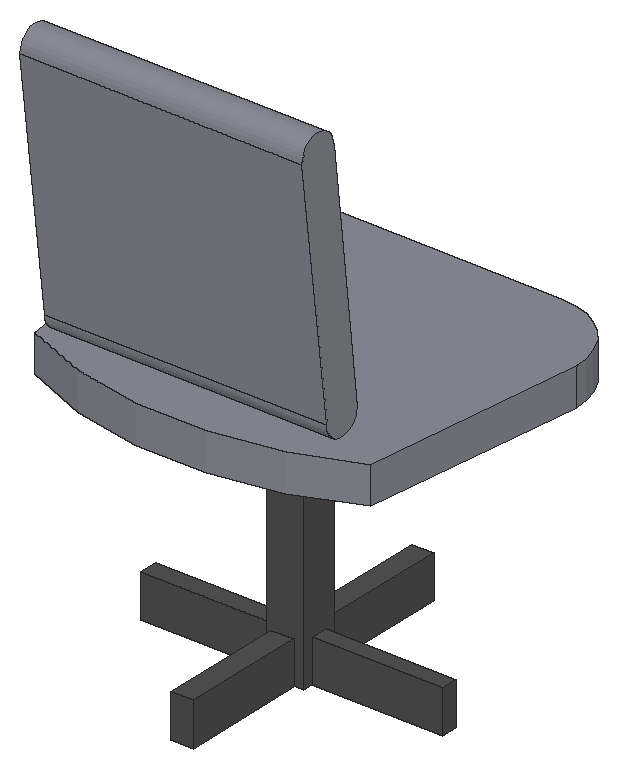
Revit family "a14f31b5277a47a7a818e6615e42893c", category Furniture, Revit 2021
Family settings
  OmniClass Number = 23.40.20.14.14.11
  OmniClass Title = Chairs
  Seek Item ID = Chair-Desk-0000-USA-ENU
  Work Plane-Based = No
  Always vertical = Yes
  Cut with Voids When Loaded = No
  Shared = Yes
  Room Calculation Point = No
Parameters (values of type "Chair-Desk")
  Seat/Back Material = Textile - Slate Blue
  Default Elevation = 0' - 0"
  Base Material = Steel, Chrome Plated
  Assembly Code = "E2020200"
Reference planes (in)
  plane 1: y = 0
  plane 2: z = 0
  plane 3 "Center (Left/Right)": x = 0
  plane 4: z = 14
  plane 5 "Seat": z = 16
  plane 6: y = 11.90733
Forms (in)
  Extrusion 1, solid, material "Textile - Slate Blue" <- "Seat/Back Material"
    sketch origin (0, 0, 0) x (1, 0, 0) y (0, 1, 0)
      loop
        arc (-9, 0) -> (0, -2.16828) -> (9, 0) r 19.76254
        line (9, 0) -> (10.48058, 11.90733)
        arc (10.48058, 11.90733) -> (9.28187, 14.80129) -> (6.38791, 16) r 4.09267
        line (6.38791, 16) -> (-6, 16)
        arc (-6, 16) -> (-9.0885, 14.8796) -> (-10.48842, 11.90733) r 4.30709
        line (-10.48842, 11.90733) -> (-9, 0)
    from 14 to 16
  Extrusion 2, solid, material "Textile - Slate Blue" <- "Seat/Back Material"
    sketch origin (0, 0, 0) x (0, 1, 0) y (0, 0, 1)
      loop
        line (1.006, 17.77118) -> (-0.5367, 31)
        arc (-0.5367, 31) -> (-1.59136, 32.05467) -> (-2.64603, 31) r 1.05467
        line (-2.64603, 31) -> (-1, 17.77118)
        arc (-1, 17.77118) -> (0.003, 16.76818) -> (1.006, 17.77118) r 1.003
    from -7.65214 to 7.4375
  Extrusion 3, solid, material "Steel, Chrome Plated" <- "Base Material"
    sketch origin (0, 0, 0) x (1, 0, 0) y (0, 1, 0)
      loop
        line (-0.96364, 7.49091) -> (-0.96364, 5.49091) -> (1.03636, 5.49091) -> (1.03636, 7.49091) -> (-0.96364, 7.49091)
    from 0 to 14
  Extrusion 4, solid, material "Steel, Chrome Plated" <- "Base Material"
    sketch origin (0, 0, 0) x (1, 0, 0) y (0, 1, 0)
      loop
        line (-1.01818, 6.89091) -> (-8.01818, 6.89091) -> (-8.01818, 5.90733) -> (-1.01818, 5.90733) -> (-1.01818, 6.89091)
      loop
        line (1.05455, 6.89091) -> (1.05455, 6) -> (8.03636, 6) -> (8.03636, 6.89091) -> (1.05455, 6.89091)
      loop
        line (0.56364, 7.43636) -> (0.56364, 14.76188) -> (-0.63636, 14.76188) -> (-0.63636, 7.43636) -> (0.56364, 7.43636)
      loop
        line (-0.63636, 5.36364) -> (-0.63636, -1.30909) -> (0.56364, -1.30909) -> (0.56364, 5.36364) -> (-0.63636, 5.36364)
    from 0 to 2.30331
Lines and regions (in)
  Masking region 1
    outline origin (0, 0, 16) x (0, 1, 0) y (-1, 0, 0)
      loop
        arc (0, 9) -> (-2.16828, 0.00102) -> (-0.00093, -8.99819) r 19.76254
        line (-0.00093, -8.99819) -> (11.90733, -10.4643)
        arc (11.90733, -10.4643) -> (14.77013, -9.27849) -> (15.95594, -6.41569) r 4.0486
        line (15.95594, -6.41569) -> (15.95594, 6.43981)
        arc (15.95594, 6.43981) -> (14.77013, 9.30261) -> (11.90733, 10.48842) r 4.0486
        line (11.90733, 10.48842) -> (0, 9)
  symbolic lines
    curve 1: line (-9, 0, 16) -> (-10.48842, 11.90733, 16)
    curve 2: line (8.99819, -0.00093, 16) -> (10.4643, 11.90733, 16)
    curve 3: line (-6.43981, 15.95594, 16) -> (6.41569, 15.95594, 16)
    curve 4: arc (-10.48842, 11.90733, 16) -> (-9.30261, 14.77013, 16) -> (-6.43981, 15.95594, 16) r 4.0486
    curve 5: arc (10.4643, 11.90733, 16) -> (9.27849, 14.77013, 16) -> (6.41569, 15.95594, 16) r 4.0486
    curve 6: arc (-9, 0, 16) -> (0, -2.16828, 16) -> (9, 0, 16) r 19.76254
    curve 7: arc (-8.08919, 1.78057, 16) -> (0, -0.16828, 16) -> (8.08919, 1.78057, 16) r 17.76254
    curve 8: arc (8.08919, 1.78057, 16) -> (8.83467, 1.03867, 16) -> (9, 0, 16) r 1.69747
    curve 9: arc (-8.08919, 1.78057, 16) -> (-8.83467, 1.03867, 16) -> (-9, 0, 16) r 1.69747
Dimensions and locks (in)
  plane 5 "Seat" to plane 4 to plane 2 = 0' - 2", 1' - 2"
  Extrusion 4 sketch curve to plane 3 "Center (Left/Right)" to Extrusion 4 sketch curve = 0' - 0.56364", 0' - 0.63636"
  equal spacing: Extrusion 4 sketch curve, plane 3 "Center (Left/Right)", Extrusion 4 sketch curve
  aligned and locked: plane 4 to Extrusion 1
  aligned and locked: Extrusion 1 to plane 5 "Seat"
  aligned and locked: Extrusion 3 to level
  aligned and locked: Extrusion 3 to plane 4
  aligned and locked: Extrusion 4 to level
  aligned and locked: curve 6 to Extrusion 1
